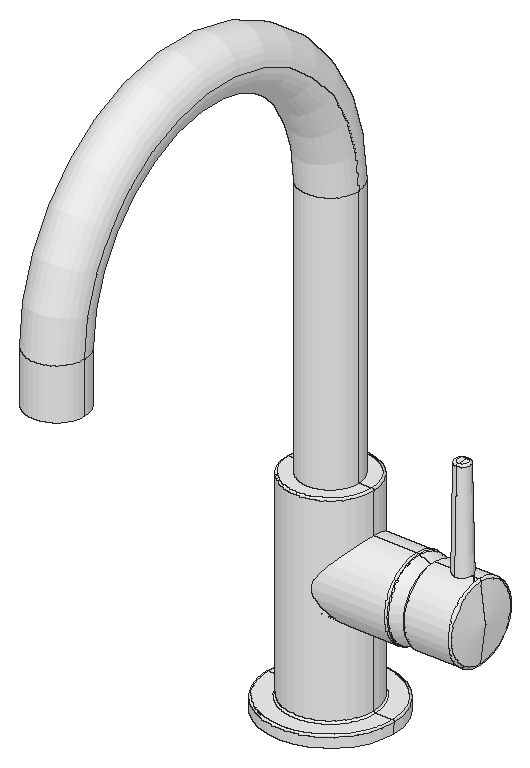
Revit family "Delta Single Handle Bar Prep Faucet 1959LF-LF", category Plumbing Fixtures, host Face, Revit 2013
Parameters (values of type "Delta Single Handle Bar Prep Faucet 1959LF-LF")
  URL = "http://www.deltafaucet.com/kitchen/details/1959lf.html"
  Height = 0.293 m
  Length = 0.186 m
  Depth = 0.096 m
  Model = "1959LF-LF"
  Manufacturer = "Delta"
  Faucet = Chrome
  Default Elevation = 1.2192 m
  CW Connection = yes
Reference planes (m)
  plane 1 "Center (Front/Back)": y = 0
  plane 2: z = 0
  plane 3 "Center (Left/Right)": x = 0
Dimensions and locks (m)
  aligned and locked: plane 2 to host face
  aligned and locked: level to host face
  aligned and locked: level to nested 1
Nested families (m)
  nested 1: "1959LF" at (0, 0, 0), type "1959LF"
Connectors (m)
  piping at (0, 0, 0)
    settings: on host face, index 1, connector radius 12", flow factor 0, pipe flow 0 GPM, pressure drop 0.00 psi, fitting loss kfactor 0, connector angle 0.00°, fixture units 0, engagement length 0 m, flow configuration 0, flow direction 0, fitting loss method 0, system type 7, joint type 0, gender type 0, connector reference index -1, connector utility 0, adjustable connector no, is connector primary yes, fitting loss table "", connector description ""
Definition of nested family "1959LF"
  Parameters (values of type "1959LF")
    URL = ""
    Tap = Chrome
    Model = ""
    Manufacturer = "Delta"
  Reference planes (m)
    plane 1 "Center (Front/Back)": y = 0
    plane 2: z = 0
    plane 3 "Center (Left/Right)": x = 0
    plane 4: through (0, -0.068849, 0.78076) normal (0, -0.9945, 0.1045)
    plane 5: z = 0.185
    plane 6: y = -0.15
    plane 7: z = 0.293
    plane 8: y = -0.028
    plane 9: x = 0.058
  Forms (m)
    Revolve 1, solid, material "Chrome" <- "Tap"
      sketch origin (-0.935825, 0, -0.68327) x (1, 0, 0) y (0, 0, 1)
        loop
          line (0.963825, 0.68327) -> (0.963825, 0.687563)
          arc (0.963825, 0.687563) -> (0.963601, 0.688102) -> (0.963063, 0.688325) r 0.000762
          line (0.963063, 0.688325) -> (0.955594, 0.688325)
          arc (0.955594, 0.688325) -> (0.955046, 0.688555) -> (0.954825, 0.689106) r 0.000769
          line (0.954825, 0.689106) -> (0.935825, 0.689106) -> (0.935825, 0.68327) -> (0.963825, 0.68327)
        axis (0.935825, 0.689106) -> (0.935825, 0.68327)
      angle from 0 to 360
    Sweep 2, solid, material "Chrome" <- "Tap"
      path origin (0, 0, -0.615228) x (0, 1, 0) y (0, 0, 1)
        loop
          line (0, 0.707728) -> (0, 0.822728)
          arc (0, 0.822728) -> (-0.075, 0.897728) -> (-0.15, 0.822728) r 0.075
          line (-0.15, 0.822728) -> (-0.15, 0.800228)
      profile origin (0, 0, 0.15) x (0, -1, 0) y (1, 0, 0)
        loop
          circle (0, -0.000214) r 0.0125
    Revolve 3, solid, material "Chrome" <- "Tap"
      sketch origin (-0.012031, -0.000625, -0.018152) x (1, 0, 0) y (0, 0, 1)
        loop
          line (0.018194, 0.057969) -> (0.050303, 0.057969)
          arc (0.050303, 0.057969) -> (0.050805, 0.058158) -> (0.051058, 0.058632) r 0.000762
          arc (0.051058, 0.058632) -> (0.051251, 0.058164) -> (0.05175, 0.058094) r 0.000508
          arc (0.05175, 0.058094) -> (0.054386, 0.059327) -> (0.056864, 0.060853) r 0.0254
          arc (0.056864, 0.060853) -> (0.057423, 0.059564) -> (0.05844, 0.058595) r 0.003528
          line (0.05844, 0.058595) -> (0.077672, 0.058595)
          arc (0.077672, 0.058595) -> (0.078309, 0.05882) -> (0.078665, 0.059394) r 0.001016
          arc (0.078665, 0.059394) -> (0.080054, 0.067386) -> (0.080743, 0.075469) r 0.093198
          line (0.080743, 0.075469) -> (0.018194, 0.075469) -> (0.018194, 0.057969)
        axis (0.080743, 0.075469) -> (0.018194, 0.075469)
      angle from 0 to 360
    Revolve 4, solid, material "Chrome" <- "Tap"
      sketch origin (0.057969, -0.052984, 0.015533) x (0, 0.707107, -0.707107) y (0, 0.707107, 0.707107)
        loop
          line (0.001961, 0.078715) -> (-0.03194, 0.111453)
          arc (-0.03194, 0.111453) -> (-0.032476, 0.111667) -> (-0.033008, 0.111444) r 0.000762
          line (-0.033008, 0.111444) -> (-0.034761, 0.109691) -> (-0.000912, 0.075842) -> (0.001961, 0.078715)
        axis (-0.000912, 0.075842) -> (-0.034761, 0.109691)
      angle from 0 to 360
    Revolve 5, solid, material "Chrome" <- "Tap"
      sketch origin (-0.935825, 0, -0.68327) x (1, 0, 0) y (0, 0, 1)
        loop
          line (0.954825, 0.689106) -> (0.954825, 0.775446)
          arc (0.954825, 0.775446) -> (0.954604, 0.775979) -> (0.95407, 0.7762) r 0.000755
          line (0.95407, 0.7762) -> (0.935825, 0.7762) -> (0.935825, 0.689106) -> (0.954825, 0.689106)
        axis (0.935825, 0.689106) -> (0.935825, 0.7762)
      angle from 0 to 360
  Dimensions and locks (m)
    level to plane 5 = 0.185 m
    plane 6 to plane 1 "Center (Front/Back)" = 0.15 m
    level to plane 7 = 0.293 m
    plane 8 to plane 1 "Center (Front/Back)" = 0.028 m
    plane 3 "Center (Left/Right)" to plane 9 = 0.058 m
    Revolve 3 sketch curve to Revolve 3 sketch curve = 0.0175 m
